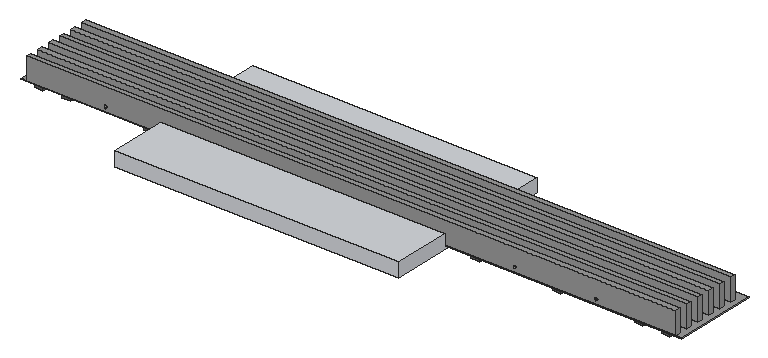
Revit family "1414-6, Veneer", category Generic Models, host Face, Revit 2020
Family settings
  Host = Face
  Can host rebar = No
  Round Connector Dimension = Use Diameter
  Part Type = Normal
  Cut with Voids When Loaded = No
  Shared = No
  Room Calculation Point = No
Parameters
  min_value [instance] = 2' - 4"  # constant formula
  max_value [instance] = 9' - 11 1/4"  # constant formula
  actual_value [instance] = if(NET LENGTH < min_value, min_value, if(NET LENGTH > max_value, max_value, NET LENGTH))  # 7' - 11 1/4"
  SCRIM MATERIAL [instance] = SCRIM
  SCRIM APPEARANCE [instance] = yes
  NET LENGTH [instance] = 7' - 11 1/4"
  IMPORTANT NOTE!!!                                                                             *Backer & dowel layout is for visualization purposes only, final layout to be determined by 9Wood. [instance] = ""
  Default Elevation = 4' - 0"
  DOWEL RADIUS [instance] = 0' - 0 1/4"  # constant formula
  BACKER & DOWEL MATERIAL [instance] = BLACK-BACKERS
  .. MEMBER WIDTH [instance] = 0' - 0 3/4"  # constant formula
  .. MEMBER MATERIAL [instance] = Veneer Cherry
  .. MEMBER DEPTH [instance] = 0' - 3 1/4"  # constant formula
  .. MEMBER COUNT [instance] = 6  # constant formula
Reference planes (in)
  plane 1 "Center (Front/Back)": y = 0
  plane 2: z = 0
  plane 3 "Center (Left/Right)": x = 0
Forms (in)
  Extrusion 1, solid
    sketch origin (0, 0, 0) x (1, 0, 0) y (0, 1, 0)
      loop
        line (-24.24823, 14.63962) -> (-24.24823, -10.69266) -> (17.36192, -10.69266) -> (17.36192, 14.63962) -> (-24.24823, 14.63962)
    from 0 to 2.0625
Dimensions and locks (in)
  aligned and locked: plane 2 to Extrusion 1
Nested families (in)
  nested 1: "1400 series" at (-44.01308, -2.1224, 0.00189), NET LENGTH <- "actual_value", .. MEMBER DEPTH <- ".. MEMBER DEPTH", .. MEMBER WIDTH <- ".. MEMBER WIDTH", DOWEL RADIUS <- "DOWEL RADIUS", BACKER & DOWEL MATERIAL <- "BACKER & DOWEL MATERIAL", .. MEMBER MATERIAL <- ".. MEMBER MATERIAL", SCRIM MATERIAL <- "SCRIM MATERIAL", MEMBER COUNT <- ".. MEMBER COUNT", SCRIM APPEARANCE <- "SCRIM APPEARANCE", type "1400 series"
    with X 7' - 8", SCRIM MATERIAL SCRIM, SCRIM LENGTH 8' - 1", SCRIM APPEARANCE yes, SCRIM 2 0' - 0 7/8", SCRIM 1 0' - 0 3/32", OC TYP 1' - 0", NET LENGTH 7' - 11 1/4", N 8, MEMBER COUNT 6, INSET 2 0' - 0 3/16", INSET 0' - 1", HALF MEMBER WIDTH 0' - 0 3/8", END BACKER yes, DOWEL RADIUS 0' - 0 1/4", DOWEL INDEX 0' - 11 5/8", DOWEL COUNT 7, BACKING M COUNT 8, BACKER WIDTH 0' - 1 1/4", BACKER INDEX 0' - 5 5/8", BACKER DEPTH 0' - 0 1/2", BACKER & DOWEL MATERIAL BLACK-BACKERS, BACKER &  DOWEL LENGTH 0' - 11 7/8", .. MEMBER WIDTH 0' - 0 3/4", .. MEMBER OC TYP 0' - 2", .. MEMBER MATERIAL Veneer Cherry, .. MEMBER DEPTH 0' - 3 1/4"
Definition of nested family "1400 series"
  Parameters (values of type "1400 series")
    X [instance] = NET LENGTH - 0' 3 1/4"  # 7' - 2"
    SCRIM MATERIAL [instance] = none
    SCRIM APPEARANCE [instance] = yes
    SCRIM 2 [instance] = 0' - 0 7/8"  # constant formula
    SCRIM 1 [instance] = 0' - 0 3/32"  # constant formula
    OC TYP [instance] = 1' - 0"  # constant formula
    N [instance] = if((X - (rounddown(X / 1' 0") * 1' 0")) > 1' 0", rounddown(X / 1' 0") + 2, rounddown(X / 1' 0") + 1)  # 8
    MEMBER COUNT [instance] = 2
    INSET 5 = 0' - 0 11/16"  # constant formula
    INSET 2 [instance] = 0' - 0 3/16"  # constant formula
    INSET [instance] = 0' - 1"  # constant formula
    END BACKER [instance] = BACKER INDEX > 0' 3 5/8"  # no
    HALF MEMBER WIDTH [instance] = .. MEMBER WIDTH / 2  # 0' - 1 1/8"
    Default Elevation = 0' - 0"
    DOWEL RADIUS [instance] = 0' - 0 1/4"
    DOWEL INDEX [instance] = BACKER INDEX + 0' 6"  # 0' - 8 5/8"
    DOWEL COUNT [instance] = N - 1  # 7
    BACKER WIDTH [instance] = 0' - 1 1/4"  # constant formula
    BACKER INDEX [instance] = (NET LENGTH - ((N - 1) * 1' 0")) / 2  # 0' - 2 5/8"
    BACKER DEPTH [instance] = 0' - 0 1/2"  # constant formula
    BACKING M COUNT [instance] = N  # 8
    BACKER & DOWEL MATERIAL [instance] = none
    BACKER &  DOWEL LENGTH [instance] = 0' - 11 7/8"  # constant formula
    SCRIM LENGTH [instance] = NET LENGTH + (SCRIM 2 * 2)  # 7' - 7"
    .. MEMBER WIDTH [instance] = 0' - 2 1/4"
    .. MEMBER OC TYP [instance] = 1' 0" / MEMBER COUNT  # 0' - 6"
    .. MEMBER MATERIAL [instance] = none
    NET LENGTH [instance] = 7' - 5 1/4"
    .. MEMBER DEPTH [instance] = 0' - 4"
  Reference planes (in)
    plane 1 "Center (Front/Back)": y = 0
    plane 2: z = 0
    plane 3 "Center (Left/Right)": x = 0
    plane 4: x = 89.25
    plane 5: x = 1
    plane 6: x = 88.25
    plane 7: x = 2.625
    plane 8: x = 8.625
    plane 9: x = 14.625
    plane 10: x = 20.625
    plane 11: y = 0.1875
    plane 12: y = 1.125
    plane 13: y = 7.125
    plane 14: y = 12.0625
    plane 15: x = 90.125
    plane 16: x = -0.875
    plane 17: y = 12.15625
    plane 18: y = -0.09375
    plane 19: z = 2.7097
    plane 20: z = 0.49811
    plane 21: z = 0.56061
    plane 22: z = 1.24811
  Lines and regions (in)
    model lines, not visible
      curve 1: line (8.625, 0, 0.99811) -> (8.625, 0, 1.49811)
      curve 2: line (8.625, 0, 1.49811) -> (8.375, 0, 1.24811)
      curve 3: line (8.375, 0, 1.24811) -> (8.875, 0, 1.24811)
      curve 4: line (20.625, 0, 0.99811) -> (20.625, 0, 1.49811)
      curve 5: line (20.625, 0, 1.49811) -> (20.375, 0, 1.24811)
      curve 6: line (20.375, 0, 1.24811) -> (20.875, 0, 1.24811)
      curve 7: line (32.625, 0, 0.99811) -> (32.625, 0, 1.49811)
      curve 8: line (32.625, 0, 1.49811) -> (32.375, 0, 1.24811)
      curve 9: line (32.375, 0, 1.24811) -> (32.875, 0, 1.24811)
      curve 10: line (44.625, 0, 0.99811) -> (44.625, 0, 1.49811)
      curve 11: line (44.625, 0, 1.49811) -> (44.375, 0, 1.24811)
      curve 12: line (44.375, 0, 1.24811) -> (44.875, 0, 1.24811)
      curve 13: line (56.625, 0, 0.99811) -> (56.625, 0, 1.49811)
      curve 14: line (56.625, 0, 1.49811) -> (56.375, 0, 1.24811)
      curve 15: line (56.375, 0, 1.24811) -> (56.875, 0, 1.24811)
      curve 16: line (68.625, 0, 0.99811) -> (68.625, 0, 1.49811)
      curve 17: line (68.625, 0, 1.49811) -> (68.375, 0, 1.24811)
      curve 18: line (68.375, 0, 1.24811) -> (68.875, 0, 1.24811)
      curve 19: line (80.625, 0, 0.99811) -> (80.625, 0, 1.49811)
      curve 20: line (80.625, 0, 1.49811) -> (80.375, 0, 1.24811)
      curve 21: line (80.375, 0, 1.24811) -> (80.875, 0, 1.24811)
  Dimensions and locks (in)
    "INSET": plane 3 "Center (Left/Right)" to plane 5
    "NET LENGTH": plane 3 "Center (Left/Right)" to plane 4
    "INSET": plane 6 to plane 4
    "BACKER INDEX": plane 3 "Center (Left/Right)" to plane 7
    "DOWEL INDEX": plane 3 "Center (Left/Right)" to plane 8
    "OC TYP": plane 7 to plane 9
    "OC TYP": plane 8 to plane 10
    "INSET 2": plane 1 "Center (Front/Back)" to plane 11
    equal spacing: group 1, group 2, group 5, group 6, group 7, group 13, group 14, group 16  (x3)
    equal spacing: group 3, group 4, group 8, group 9, group 10, group 15, group 17  (x3)
    group 11 to group 12 = 0' - 0"  (x2)
    group 11 to group 12 = 0' - 6"
    ".. MEMBER OC TYP": plane 13 to plane 12
    "HALF MEMBER WIDTH": plane 1 "Center (Front/Back)" to plane 12
    "SCRIM 2": plane 16 to plane 3 "Center (Left/Right)"
    "SCRIM 2": plane 4 to plane 15
    "SCRIM 1": plane 18 to plane 1 "Center (Front/Back)"
    "SCRIM 1": plane 17 to plane 14
    "INSET 5": plane 22 to plane 21
    aligned and locked: level to plane 2
    aligned and locked: plane 7 to nested 2
    aligned and locked: plane 5 to nested 1
    aligned and locked: plane 9 to nested 3
    aligned and locked: nested 1 to plane 5
    aligned and locked: nested 2 to plane 11
    aligned and locked: nested 1 to plane 11
    aligned and locked: nested 3 to plane 11
    aligned and locked: nested 4 to plane 11  (x2)
    aligned and locked: plane 10 to nested 5
    aligned and locked: plane 6 to nested 12
    aligned and locked: nested 5 to plane 11
    aligned and locked: plane 11 to nested 12
    aligned and locked: plane 12 to nested 13
    aligned and locked: nested 14 to plane 13
    aligned and locked: plane 14 to nested 8
    aligned and locked: plane 16 to nested 15
    aligned and locked: nested 15 to plane 18
    aligned and locked: nested 15 to plane 17
    aligned and locked: nested 15 to plane 16  (x2)
    aligned and locked: nested 1 to level
    aligned and locked: level to nested 3
    aligned and locked: plane 20 to nested 2
    aligned and locked: plane 20 to nested 1
    aligned and locked: plane 20 to nested 3
    aligned and locked: nested 12 to plane 20
    aligned and locked: nested 15 to plane 20
    aligned and locked: plane 21 to nested 15
    aligned and locked: nested 13 to plane 21
    aligned and locked: plane 22 to nested 4
    aligned and locked: plane 22 to nested 5
    aligned and locked: nested 13 to plane 8
    aligned and locked: plane 10 to nested 13
    aligned and locked: curve 1 to nested 13
    aligned and locked: nested 13 to curve 4
  Automatic sketch dimensions
    curve 3 to curve 1 = 0' - 0 1/4"  (x2)
    curve 1 to curve 3 = 0' - 0 1/4"
    curve 1 to curve 2 = 0' - 0 1/4"
    curve 6 to curve 4 = 0' - 0 1/4"  (x2)
    curve 4 to curve 6 = 0' - 0 1/4"
    curve 4 to curve 5 = 0' - 0 1/4"
    curve 9 to curve 7 = 0' - 0 1/4"  (x2)
    curve 7 to curve 9 = 0' - 0 1/4"
    curve 7 to curve 8 = 0' - 0 1/4"
    curve 12 to curve 10 = 0' - 0 1/4"  (x2)
    curve 10 to curve 12 = 0' - 0 1/4"
    curve 10 to curve 11 = 0' - 0 1/4"
    curve 15 to curve 13 = 0' - 0 1/4"  (x2)
    curve 13 to curve 15 = 0' - 0 1/4"
    curve 13 to curve 14 = 0' - 0 1/4"
    curve 18 to curve 16 = 0' - 0 1/4"  (x2)
    curve 16 to curve 18 = 0' - 0 1/4"
    curve 16 to curve 17 = 0' - 0 1/4"
    curve 21 to curve 19 = 0' - 0 1/4"  (x2)
    curve 19 to curve 21 = 0' - 0 1/4"
    curve 19 to curve 20 = 0' - 0 1/4"
  Nested families (in)
    nested 1: "INSTANCE - 3RD -  EXTEND BOTH SIDES - Parametric Cube.0001" at (1, 0.1875, 0.49811), Length <- "BACKER &  DOWEL LENGTH", Width <- "BACKER WIDTH", Height <- "BACKER DEPTH", Material <- "BACKER & DOWEL MATERIAL", visible <- "END BACKER", type "INSTANCE - 3RD -  EXTEND BOTH SIDES - Parametric Cube.0001"
      with Width 0' - 1 1/4", Material none, Length 0' - 11 7/8", Height 0' - 0 1/2"
    nested 2: "INSTANCE - 2ND -  EXTEND SIDE H CENTER W - Parametric Cube.0001" at (2.625, 0.1875, 0.49811), Width <- "BACKER WIDTH", Length <- "BACKER &  DOWEL LENGTH", Height <- "BACKER DEPTH", Material <- "BACKER & DOWEL MATERIAL", type "INSTANCE - 2ND -  EXTEND SIDE H CENTER W - Parametric Cube.0001"
      with Width 0' - 1 1/4", Material none, Length 0' - 11 7/8", Height 0' - 0 1/2"
    nested 3: "INSTANCE - 2ND -  EXTEND SIDE H CENTER W - Parametric Cube.0001" at (14.625, 0.1875, 0.49811), Width <- "BACKER WIDTH", Length <- "BACKER &  DOWEL LENGTH", Height <- "BACKER DEPTH", Material <- "BACKER & DOWEL MATERIAL", type "INSTANCE - 2ND -  EXTEND SIDE H CENTER W - Parametric Cube.0001"
      with Width 0' - 1 1/4", Material none, Length 0' - 11 7/8", Height 0' - 0 1/2"
    nested 4: "DOWEL" at (-1.375, 0.1875, 1.24811), DOWEL LENGTH <- "BACKER &  DOWEL LENGTH", DOWEL RADII <- "DOWEL RADIUS", BACKING MEM MATERIAL <- "BACKER & DOWEL MATERIAL", type "DOWEL"
      with DOWEL RADII 0' - 0 1/4", DOWEL LENGTH 0' - 11 7/8", BACKING MEM MATERIAL none
    nested 5: "DOWEL" at (10.625, 0.1875, 1.24811), DOWEL LENGTH <- "BACKER &  DOWEL LENGTH", DOWEL RADII <- "DOWEL RADIUS", BACKING MEM MATERIAL <- "BACKER & DOWEL MATERIAL", type "DOWEL"
      with DOWEL RADII 0' - 0 1/4", DOWEL LENGTH 0' - 11 7/8", BACKING MEM MATERIAL none
    nested 6: "INSTANCE - 2ND -  EXTEND SIDE H CENTER W - Parametric Cube.0001" at (26.625, 0.1875, 0.49811), Width <- "BACKER WIDTH", Length <- "BACKER &  DOWEL LENGTH", Height <- "BACKER DEPTH", Material <- "BACKER & DOWEL MATERIAL", type "INSTANCE - 2ND -  EXTEND SIDE H CENTER W - Parametric Cube.0001"
      with Width 0' - 1 1/4", Material none, Length 0' - 11 7/8", Height 0' - 0 1/2"
    nested 7: "INSTANCE - 2ND -  EXTEND SIDE H CENTER W - Parametric Cube.0001" at (38.625, 0.1875, 0.49811), Width <- "BACKER WIDTH", Length <- "BACKER &  DOWEL LENGTH", Height <- "BACKER DEPTH", Material <- "BACKER & DOWEL MATERIAL", type "INSTANCE - 2ND -  EXTEND SIDE H CENTER W - Parametric Cube.0001"
      with Width 0' - 1 1/4", Material none, Length 0' - 11 7/8", Height 0' - 0 1/2"
    nested 8: "INSTANCE - 2ND -  EXTEND SIDE H CENTER W - Parametric Cube.0001" at (50.625, 0.1875, 0.49811), Width <- "BACKER WIDTH", Length <- "BACKER &  DOWEL LENGTH", Height <- "BACKER DEPTH", Material <- "BACKER & DOWEL MATERIAL", type "INSTANCE - 2ND -  EXTEND SIDE H CENTER W - Parametric Cube.0001"
      with Width 0' - 1 1/4", Material none, Length 0' - 11 7/8", Height 0' - 0 1/2"
    nested 9: "DOWEL" at (22.625, 0.1875, 1.24811), DOWEL LENGTH <- "BACKER &  DOWEL LENGTH", DOWEL RADII <- "DOWEL RADIUS", BACKING MEM MATERIAL <- "BACKER & DOWEL MATERIAL", type "DOWEL"
      with DOWEL RADII 0' - 0 1/4", DOWEL LENGTH 0' - 11 7/8", BACKING MEM MATERIAL none
    nested 10: "DOWEL" at (34.625, 0.1875, 1.24811), DOWEL LENGTH <- "BACKER &  DOWEL LENGTH", DOWEL RADII <- "DOWEL RADIUS", BACKING MEM MATERIAL <- "BACKER & DOWEL MATERIAL", type "DOWEL"
      with DOWEL RADII 0' - 0 1/4", DOWEL LENGTH 0' - 11 7/8", BACKING MEM MATERIAL none
    nested 11: "DOWEL" at (46.625, 0.1875, 1.24811), DOWEL LENGTH <- "BACKER &  DOWEL LENGTH", DOWEL RADII <- "DOWEL RADIUS", BACKING MEM MATERIAL <- "BACKER & DOWEL MATERIAL", type "DOWEL"
      with DOWEL RADII 0' - 0 1/4", DOWEL LENGTH 0' - 11 7/8", BACKING MEM MATERIAL none
    nested 12: "INSTANCE - 3RD -  EXTEND BOTH SIDES - Parametric Cube.0001" at (88.25, 0.1875, 0.49811) x (-1, 0, 0) z (0, 0, 1), Width <- "BACKER WIDTH", Length <- "BACKER &  DOWEL LENGTH", Height <- "BACKER DEPTH", Material <- "BACKER & DOWEL MATERIAL", visible <- "END BACKER", type "INSTANCE - 3RD -  EXTEND BOTH SIDES - Parametric Cube.0001"
      with Width 0' - 1 1/4", Material none, Length 0' - 11 7/8", Height 0' - 0 1/2"
    nested 13: "HOLED MEMBER" at (0, -9.75, 8.12965), DOWEL INDEX <- "DOWEL INDEX", .. MEMBER LENGTH <- "NET LENGTH", .. MEMBER WIDTH <- ".. MEMBER WIDTH", DOWEL OC DIST <- "OC TYP", DOWEL RADII <- "DOWEL RADIUS", Material <- ".. MEMBER MATERIAL", DEPTH <- ".. MEMBER DEPTH", DOWEL COUNT <- "DOWEL COUNT", Space <- "INSET 5", type "HOLED MEMBER"
      with Space 0' - 0 11/16", Material none, Height 0' - 10.43096", HALF MEMBER WIDTH 0' - 1 1/8", DOWEL RADII 0' - 0 1/4", DOWEL OC DIST 1' - 0", DOWEL INDEX 0' - 8 5/8", DOWEL COUNT 7, DEPTH 0' - 4", .. MEMBER WIDTH 0' - 2 1/4", .. MEMBER LENGTH 7' - 5 1/4"
    nested 14: "HOLED MEMBER" at (0, -3.75, 8.12965), DOWEL INDEX <- "DOWEL INDEX", .. MEMBER LENGTH <- "NET LENGTH", .. MEMBER WIDTH <- ".. MEMBER WIDTH", DOWEL OC DIST <- "OC TYP", DOWEL RADII <- "DOWEL RADIUS", Material <- ".. MEMBER MATERIAL", DEPTH <- ".. MEMBER DEPTH", DOWEL COUNT <- "DOWEL COUNT", Space <- "INSET 5", type "HOLED MEMBER"
      with Space 0' - 0 11/16", Material none, Height 0' - 10.43096", HALF MEMBER WIDTH 0' - 1 1/8", DOWEL RADII 0' - 0 1/4", DOWEL OC DIST 1' - 0", DOWEL INDEX 0' - 8 5/8", DOWEL COUNT 7, DEPTH 0' - 4", .. MEMBER WIDTH 0' - 2 1/4", .. MEMBER LENGTH 7' - 5 1/4"
    nested 15: "INSTANCE - 3RD -  EXTEND BOTH SIDES - Parametric Cube.0001" at (-0.875, -0.09375, 0.56061), Width <- "SCRIM LENGTH", Material <- "SCRIM MATERIAL", visible <- "SCRIM APPEARANCE", type "INSTANCE - 3RD -  EXTEND BOTH SIDES - Parametric Cube.0001"
      with Width 7' - 7", Material none, Length 1' - 0 1/4", Height 0' - 0 1/16"
    nested 16: "INSTANCE - 2ND -  EXTEND SIDE H CENTER W - Parametric Cube.0001" at (62.625, 0.1875, 0.49811), Width <- "BACKER WIDTH", Length <- "BACKER &  DOWEL LENGTH", Height <- "BACKER DEPTH", Material <- "BACKER & DOWEL MATERIAL", type "INSTANCE - 2ND -  EXTEND SIDE H CENTER W - Parametric Cube.0001"
      with Width 0' - 1 1/4", Material none, Length 0' - 11 7/8", Height 0' - 0 1/2"
    nested 17: "INSTANCE - 2ND -  EXTEND SIDE H CENTER W - Parametric Cube.0001" at (74.625, 0.1875, 0.49811), Width <- "BACKER WIDTH", Length <- "BACKER &  DOWEL LENGTH", Height <- "BACKER DEPTH", Material <- "BACKER & DOWEL MATERIAL", type "INSTANCE - 2ND -  EXTEND SIDE H CENTER W - Parametric Cube.0001"
      with Width 0' - 1 1/4", Material none, Length 0' - 11 7/8", Height 0' - 0 1/2"
    nested 18: "DOWEL" at (58.625, 0.1875, 1.24811), DOWEL LENGTH <- "BACKER &  DOWEL LENGTH", DOWEL RADII <- "DOWEL RADIUS", BACKING MEM MATERIAL <- "BACKER & DOWEL MATERIAL", type "DOWEL"
      with DOWEL RADII 0' - 0 1/4", DOWEL LENGTH 0' - 11 7/8", BACKING MEM MATERIAL none
    nested 19: "INSTANCE - 2ND -  EXTEND SIDE H CENTER W - Parametric Cube.0001" at (86.625, 0.1875, 0.49811), Width <- "BACKER WIDTH", Length <- "BACKER &  DOWEL LENGTH", Height <- "BACKER DEPTH", Material <- "BACKER & DOWEL MATERIAL", type "INSTANCE - 2ND -  EXTEND SIDE H CENTER W - Parametric Cube.0001"
      with Width 0' - 1 1/4", Material none, Length 0' - 11 7/8", Height 0' - 0 1/2"
    nested 20: "DOWEL" at (70.625, 0.1875, 1.24811), DOWEL LENGTH <- "BACKER &  DOWEL LENGTH", DOWEL RADII <- "DOWEL RADIUS", BACKING MEM MATERIAL <- "BACKER & DOWEL MATERIAL", type "DOWEL"
      with DOWEL RADII 0' - 0 1/4", DOWEL LENGTH 0' - 11 7/8", BACKING MEM MATERIAL none
  Definition of nested family "INSTANCE - 3RD -  EXTEND BOTH SIDES - Parametric Cube.0001"
    Parameters (values of type "INSTANCE - 3RD -  EXTEND BOTH SIDES - Parametric Cube.0001")
      Width [instance] = 0' - 6"
      Material [instance] = none
      Length [instance] = 1' - 0"
      Height [instance] = 1' - 6"
      Default Elevation = 0' - 0"
    Reference planes (in)
      plane 1 "Center (Front/Back)": y = 0
      plane 2: z = 0
      plane 3 "Center (Left/Right)": x = 0
      plane 4: x = 6
      plane 5: y = 12
      plane 6: z = -18
    Forms (in)
      Extrusion 1, solid, material <- "Material"
        sketch origin (0, 6, 0) x (1, 0, 0) y (0, 1, 0)
          loop
            line (0, 6) -> (0, -6) -> (6, -6) -> (6, 6) -> (0, 6)
        from -18 to 0
    Dimensions and locks (in)
      "Height": plane 6 to level
      "Length": plane 1 "Center (Front/Back)" to plane 5
      "Width": plane 3 "Center (Left/Right)" to plane 4
      aligned and locked: plane 2 to level
      aligned and locked: Extrusion 1 sketch curve to plane 4
      aligned and locked: Extrusion 1 to plane 6
      aligned and locked: plane 5 to Extrusion 1
      aligned and locked: Extrusion 1 to plane 3 "Center (Left/Right)"
    Automatic sketch dimensions
      plane 1 "Center (Front/Back)" to Extrusion 1 sketch curve = 0' - 0"
      plane 5 to Extrusion 1 sketch curve = 0' - 0"
      Extrusion 1 sketch curve to plane 3 "Center (Left/Right)" = 0' - 0"
  Definition of nested family "INSTANCE - 2ND -  EXTEND SIDE H CENTER W - Parametric Cube.0001"
    Parameters (values of type "INSTANCE - 2ND -  EXTEND SIDE H CENTER W - Parametric Cube.0001")
      Width [instance] = 0' - 6"
      Material [instance] = none
      Length [instance] = 1' - 0"
      Height [instance] = 1' - 6"
      Default Elevation = 0' - 0"
    Reference planes (in)
      plane 1 "Center (Front/Back)": y = 0
      plane 2: z = 0
      plane 3 "Center (Left/Right)": x = 0
      plane 4: x = -3
      plane 5: x = 3
      plane 6: y = 12
      plane 7: z = -18
    Forms (in)
      Extrusion 1, solid, material <- "Material"
        sketch origin (0, 6, 0) x (1, 0, 0) y (0, 1, 0)
          loop
            line (-3, 6) -> (-3, -6) -> (3, -6) -> (3, 6) -> (-3, 6)
        from -18 to 0
    Dimensions and locks (in)
      equal spacing: plane 4, plane 3 "Center (Left/Right)", plane 5
      "Width": plane 4 to plane 5
      "Height": plane 7 to level
      "Length": plane 1 "Center (Front/Back)" to plane 6
      aligned and locked: plane 2 to level
      aligned and locked: plane 4 to Extrusion 1 sketch curve
      aligned and locked: Extrusion 1 sketch curve to plane 5
      aligned and locked: Extrusion 1 to plane 7
      aligned and locked: plane 6 to Extrusion 1
    Automatic sketch dimensions
      plane 1 "Center (Front/Back)" to Extrusion 1 sketch curve = 0' - 0"
      plane 6 to Extrusion 1 sketch curve = 0' - 0"
  Definition of nested family "DOWEL"
    Parameters (values of type "DOWEL")
      Default Elevation = 0' - 0"
      DOWEL RADII [instance] = 0' - 0 5/8"
      DOWEL LENGTH [instance] = 1' - 0"
      BACKING MEM MATERIAL [instance] = none
    Reference planes (in)
      plane 1 "Center (Front/Back)": y = 0
      plane 2: z = 0
      plane 3 "Center (Left/Right)": x = 0
      plane 4: y = 12
    Forms (in)
      Extrusion 1, solid, material <- "BACKING MEM MATERIAL"
        sketch origin (10, 0, 0) x (1, 0, 0) y (0, 0, 1)
          loop
            circle (0, 0) r 0.625
        from 0 to -12
      Extrusion 2, solid, not visible
        sketch origin (0, 0, 0) x (1, 0, 0) y (0, 0, 1)
          loop
            circle (0, 0) r 0.625
        from 0 to 12
      Extrusion 3, solid, not visible
        sketch origin (10, 0, 0) x (1, 0, 0) y (0, 0, 1)
          loop
            circle (0, 0) r 0.625
        from 0 to 2.5
      Extrusion 4, solid, not visible
        sketch origin (10, 0, 0) x (1, 0, 0) y (0, 0, 1)
          loop
            circle (0, 0) r 0.625
        from 0 to -12
    Lines and regions (in)
      model lines, not visible
        curve 1: line (-13, 0, 0) -> (-13, -12, 0)
        curve 2: line (13, 0, 0) -> (13, -12, 0)
        curve 3: line (9.89453, 0, 0) -> (10.08794, 0, 0)
        curve 4: line (9.89453, -2.5, 0) -> (10.08794, -2.5, 0)
        curve 6: line (10, 0, 0) -> (10, 2, 0)
      model lines
        curve 5: line (10, 0, 0) -> (10, 2, 0)
    Dimensions and locks (in)
      "DOWEL LENGTH": plane 1 "Center (Front/Back)" to plane 4
      "DOWEL RADII": radius of Extrusion 1 sketch curve
      "DOWEL RADII": radius of Extrusion 2 sketch curve
      "DOWEL RADII": radius of Extrusion 3 sketch curve
      "DOWEL RADII": radius of Extrusion 4 sketch curve
      "DOWEL RADII": radius of Extrusion 1
      aligned and locked: plane 2 to level
      aligned and locked: Extrusion 1 to plane 1 "Center (Front/Back)"  (x3)
      aligned and locked: plane 1 "Center (Front/Back)" to Extrusion 1
      aligned and locked: plane 4 to Extrusion 1
    Automatic sketch dimensions
      plane 1 "Center (Front/Back)" to curve 5 = 0' - 0"
      curve 5 to plane 1 "Center (Front/Back)" = 0' - 2"
      plane 3 "Center (Left/Right)" to curve 5 = 0' - 10"
      Extrusion 1 sketch curve to level = 0' - 0"
      plane 3 "Center (Left/Right)" to Extrusion 1 sketch curve = 0' - 10"
  Definition of nested family "HOLED MEMBER"
    Parameters (values of type "HOLED MEMBER")
      Space [instance] = 0' - 0 5/8"
      Material [instance] = none
      Height [instance] = 0' - 10.43096"
      HALF MEMBER WIDTH [instance] = .. MEMBER WIDTH / 2  # 0' - 0 5/16"
      Default Elevation = 0' - 0"
      DOWEL RADII [instance] = 0' - 0.34537"
      DOWEL OC DIST [instance] = 1' - 0"
      DOWEL INSET = 0' - 0 5/8"
      DOWEL INDEX [instance] = 0' - 5 5/8"
      DOWEL COUNT [instance] = 6
      DEPTH [instance] = 0' - 2"
      .. MEMBER WIDTH [instance] = 0' - 0 5/8"
      .. MEMBER LENGTH [instance] = 5' - 11 3/4"
    Reference planes (in)
      plane 1 "Center (Front/Back)": y = 12
      plane 2: z = -7.56904
      plane 3 "Center (Left/Right)": x = 0
      plane 4: x = 5.625
      plane 5: x = 17.625
      plane 6: y = 11.375
      plane 7: x = 71.75
      plane 8: y = 11.6875
      plane 9: z = -6.94404
      plane 10: z = -5.56904
    Forms (in)
      Extrusion 1, solid, material <- "Material"
        sketch origin (0, 12, -13.56904) x (1, 0, 0) y (0, 0, 1)
          loop
            line (0, 6) -> (71.75, 6) -> (71.75, 8) -> (0, 8) -> (0, 6)
        from 0.625 to 0
      Extrusion 2, void
        sketch origin (0, 12, -18.31904) x (1, 0, 0) y (0, 0, 1)
          loop
            circle (5.625, 11.375) r 0.34537
        from 0 to 12
      Extrusion 3, void, not visible
        sketch origin (0, 0, 0) x (1, 0, 0) y (0, 1, 0)
          loop
            circle (5.625, 11.375) r 0.34537
        from 0 to 12
      Extrusion 4, void, not visible
        sketch origin (0, 0, 0) x (1, 0, 0) y (0, 1, 0)
          loop
            circle (5.625, 11.375) r 0.34537
        from 0 to 12
      Extrusion 5, void, not visible
        sketch origin (12, 0, 0) x (1, 0, 0) y (0, 1, 0)
          loop
            circle (5.625, 11.375) r 0.34537
        from 0 to 12
      Extrusion 6, void, not visible
        sketch origin (0, 12, -17.56904) x (1, 0, 0) y (0, 0, 1)
          loop
            circle (5.625, 11.375) r 0.34537
        from 0 to 12
      Extrusion 7, void, not visible
        sketch origin (12, 12, -17.56904) x (1, 0, 0) y (0, 0, 1)
          loop
            circle (5.625, 11.375) r 0.34537
        from 0 to 12
      Extrusion 8, void, not visible
        sketch origin (0, 12, -19.56904) x (1, 0, 0) y (0, 0, 1)
          loop
            circle (5.625, 11.375) r 0.34537
        from 0 to 12
      Extrusion 9, void
        sketch origin (12, 12, -18.31904) x (1, 0, 0) y (0, 0, 1)
          loop
            circle (5.625, 11.375) r 0.34537
        from 0 to 12
      Extrusion 10, void
        sketch origin (24, 12, -18.31904) x (1, 0, 0) y (0, 0, 1)
          loop
            circle (5.625, 11.375) r 0.34537
        from 0 to 12
      Extrusion 11, void
        sketch origin (36, 12, -18.31904) x (1, 0, 0) y (0, 0, 1)
          loop
            circle (5.625, 11.375) r 0.34537
        from 0 to 12
      Extrusion 12, void
        sketch origin (48, 12, -18.31904) x (1, 0, 0) y (0, 0, 1)
          loop
            circle (5.625, 11.375) r 0.34537
        from 0 to 12
      Extrusion 13, void
        sketch origin (60, 12, -18.31904) x (1, 0, 0) y (0, 0, 1)
          loop
            circle (5.625, 11.375) r 0.34537
        from 0 to 12
      Extrusion 14, void, not visible
        sketch origin (24, 12, -17.56904) x (1, 0, 0) y (0, 0, 1)
          loop
            circle (5.625, 11.375) r 0.34537
        from 0 to 12
      Extrusion 15, void, not visible
        sketch origin (36, 12, -17.56904) x (1, 0, 0) y (0, 0, 1)
          loop
            circle (5.625, 11.375) r 0.34537
        from 0 to 12
      Extrusion 16, void, not visible
        sketch origin (48, 12, -17.56904) x (1, 0, 0) y (0, 0, 1)
          loop
            circle (5.625, 11.375) r 0.34537
        from 0 to 12
      Extrusion 17, void, not visible
        sketch origin (60, 12, -17.56904) x (1, 0, 0) y (0, 0, 1)
          loop
            circle (5.625, 11.375) r 0.34537
        from 0 to 12
      Extrusion 18, void, not visible
        sketch origin (24, 0, 0) x (1, 0, 0) y (0, 1, 0)
          loop
            circle (5.625, 11.375) r 0.34537
        from 0 to 12
      Extrusion 19, void, not visible
        sketch origin (36, 0, 0) x (1, 0, 0) y (0, 1, 0)
          loop
            circle (5.625, 11.375) r 0.34537
        from 0 to 12
      Extrusion 20, void, not visible
        sketch origin (48, 0, 0) x (1, 0, 0) y (0, 1, 0)
          loop
            circle (5.625, 11.375) r 0.34537
        from 0 to 12
      Extrusion 21, void, not visible
        sketch origin (60, 0, 0) x (1, 0, 0) y (0, 1, 0)
          loop
            circle (5.625, 11.375) r 0.34537
        from 0 to 12
    Cuts and joins
      Extrusion 2, Extrusion 9, Extrusion 10, Extrusion 11, Extrusion 12, Extrusion 13 cuts Extrusion 1
    Lines and regions (in)
      model lines, not visible
        curve 1: line (5.625, 11.72037, 0) -> (5.625, 11.02963, 0)
        curve 2: line (5.625, 11.72037, 0) -> (5.625, 11.02963, 0)
        curve 3: line (17.625, 11.72037, 0) -> (17.625, 11.02963, 0)
        curve 4: line (5.625, 12, -7.56904) -> (5.625, 11.87317, -7.56904)
        curve 5: line (5.625, 11.87317, -7.56904) -> (5.06195, 11.87317, -7.56904)
        curve 6: line (5.06195, 11.87317, -7.56904) -> (5.27963, 11.375, -7.56904)
        curve 7: line (0, 12, -6.19404) -> (0, 11.61951, -6.19404)
        curve 9: line (0, 11.375, -8.19404) -> (0, 11.6747, -8.19404)
        curve 10: line (5.625, 12, -7.56904) -> (5.625, 11.69863, -7.56904)
        curve 11: line (5.625, 12, -7.56904) -> (5.625, 11.69863, -7.56904)
        curve 12: line (5.625, 10.75, 0) -> (5.625, 10.75, 0.30137)
        curve 13: line (5.625, 10.75, 0) -> (5.625, 10.75, 0.30137)
        curve 14: line (17.625, 10.75, 0) -> (17.625, 10.75, 0.30137)
        curve 15: line (5.625, 12, -6.81904) -> (5.625, 11.69863, -6.81904)
        curve 16: line (17.625, 12, -6.81904) -> (17.625, 11.69863, -6.81904)
        curve 17: line (5.625, 12, -8.81904) -> (5.625, 11.69863, -8.81904)
        curve 18: line (17.625, 12, -7.56904) -> (17.625, 11.69863, -7.56904)
        curve 19: line (29.625, 12, -7.56904) -> (29.625, 11.69863, -7.56904)
        curve 20: line (41.625, 12, -7.56904) -> (41.625, 11.69863, -7.56904)
        curve 21: line (53.625, 12, -7.56904) -> (53.625, 11.69863, -7.56904)
        curve 22: line (65.625, 12, -7.56904) -> (65.625, 11.69863, -7.56904)
        curve 23: line (29.625, 12, -6.81904) -> (29.625, 11.69863, -6.81904)
        curve 24: line (41.625, 12, -6.81904) -> (41.625, 11.69863, -6.81904)
        curve 25: line (53.625, 12, -6.81904) -> (53.625, 11.69863, -6.81904)
        curve 26: line (65.625, 12, -6.81904) -> (65.625, 11.69863, -6.81904)
        curve 27: line (29.625, 11.72037, 0) -> (29.625, 11.02963, 0)
        curve 28: line (29.625, 10.75, 0) -> (29.625, 10.75, 0.30137)
        curve 29: line (41.625, 11.72037, 0) -> (41.625, 11.02963, 0)
        curve 30: line (41.625, 10.75, 0) -> (41.625, 10.75, 0.30137)
        curve 31: line (53.625, 11.72037, 0) -> (53.625, 11.02963, 0)
        curve 32: line (53.625, 10.75, 0) -> (53.625, 10.75, 0.30137)
        curve 33: line (65.625, 11.72037, 0) -> (65.625, 11.02963, 0)
        curve 34: line (65.625, 10.75, 0) -> (65.625, 10.75, 0.30137)
        curve 35: line (5.27963, 12, -6.94404) -> (5.97037, 12, -6.94404)
        curve 36: line (5.97037, 12, -6.94404) -> (5.625, 12, -6.59867)
        curve 37: line (5.625, 12, -6.59867) -> (5.625, 12, -7.28941)
        curve 38: line (5.27963, 11.375, 0) -> (5.97037, 11.375, 0)
        curve 39: line (5.97037, 11.375, 0) -> (5.625, 11.72037, 0)
        curve 40: line (5.625, 11.72037, 0) -> (5.625, 11.02963, 0)
        curve 41: line (5.27963, 11.375, 0) -> (5.97037, 11.375, 0)
        curve 42: line (5.97037, 11.375, 0) -> (5.625, 11.72037, 0)
        curve 43: line (5.625, 11.72037, 0) -> (5.625, 11.02963, 0)
        curve 44: line (17.27963, 11.375, 0) -> (17.97037, 11.375, 0)
        curve 45: line (17.97037, 11.375, 0) -> (17.625, 11.72037, 0)
        curve 46: line (17.625, 11.72037, 0) -> (17.625, 11.02963, 0)
        curve 47: line (5.27963, 12, -6.19404) -> (5.97037, 12, -6.19404)
        curve 48: line (5.97037, 12, -6.19404) -> (5.625, 12, -5.84867)
        curve 49: line (5.625, 12, -5.84867) -> (5.625, 12, -6.53941)
        curve 50: line (17.27963, 12, -6.19404) -> (17.97037, 12, -6.19404)
        curve 51: line (17.97037, 12, -6.19404) -> (17.625, 12, -5.84867)
        curve 52: line (17.625, 12, -5.84867) -> (17.625, 12, -6.53941)
        curve 53: line (5.27963, 12, -8.19404) -> (5.97037, 12, -8.19404)
        curve 54: line (5.97037, 12, -8.19404) -> (5.625, 12, -7.84867)
        curve 55: line (5.625, 12, -7.84867) -> (5.625, 12, -8.53941)
        curve 56: line (17.27963, 12, -6.94404) -> (17.97037, 12, -6.94404)
        curve 57: line (17.97037, 12, -6.94404) -> (17.625, 12, -6.59867)
        curve 58: line (17.625, 12, -6.59867) -> (17.625, 12, -7.28941)
        curve 59: line (29.27963, 12, -6.94404) -> (29.97037, 12, -6.94404)
        curve 60: line (29.97037, 12, -6.94404) -> (29.625, 12, -6.59867)
        curve 61: line (29.625, 12, -6.59867) -> (29.625, 12, -7.28941)
        curve 62: line (41.27963, 12, -6.94404) -> (41.97037, 12, -6.94404)
        curve 63: line (41.97037, 12, -6.94404) -> (41.625, 12, -6.59867)
        curve 64: line (41.625, 12, -6.59867) -> (41.625, 12, -7.28941)
        curve 65: line (53.27963, 12, -6.94404) -> (53.97037, 12, -6.94404)
        curve 66: line (53.97037, 12, -6.94404) -> (53.625, 12, -6.59867)
        curve 67: line (53.625, 12, -6.59867) -> (53.625, 12, -7.28941)
        curve 68: line (65.27963, 12, -6.94404) -> (65.97037, 12, -6.94404)
        curve 69: line (65.97037, 12, -6.94404) -> (65.625, 12, -6.59867)
        curve 70: line (65.625, 12, -6.59867) -> (65.625, 12, -7.28941)
        curve 71: line (29.27963, 12, -6.19404) -> (29.97037, 12, -6.19404)
        curve 72: line (29.97037, 12, -6.19404) -> (29.625, 12, -5.84867)
        curve 73: line (29.625, 12, -5.84867) -> (29.625, 12, -6.53941)
        curve 74: line (41.27963, 12, -6.19404) -> (41.97037, 12, -6.19404)
        curve 75: line (41.97037, 12, -6.19404) -> (41.625, 12, -5.84867)
        curve 76: line (41.625, 12, -5.84867) -> (41.625, 12, -6.53941)
        curve 77: line (53.27963, 12, -6.19404) -> (53.97037, 12, -6.19404)
        curve 78: line (53.97037, 12, -6.19404) -> (53.625, 12, -5.84867)
        curve 79: line (53.625, 12, -5.84867) -> (53.625, 12, -6.53941)
        curve 80: line (65.27963, 12, -6.19404) -> (65.97037, 12, -6.19404)
        curve 81: line (65.97037, 12, -6.19404) -> (65.625, 12, -5.84867)
        curve 82: line (65.625, 12, -5.84867) -> (65.625, 12, -6.53941)
        curve 83: line (29.27963, 11.375, 0) -> (29.97037, 11.375, 0)
        curve 84: line (29.97037, 11.375, 0) -> (29.625, 11.72037, 0)
        curve 85: line (29.625, 11.72037, 0) -> (29.625, 11.02963, 0)
        curve 86: line (41.27963, 11.375, 0) -> (41.97037, 11.375, 0)
        curve 87: line (41.97037, 11.375, 0) -> (41.625, 11.72037, 0)
        curve 88: line (41.625, 11.72037, 0) -> (41.625, 11.02963, 0)
        curve 89: line (53.27963, 11.375, 0) -> (53.97037, 11.375, 0)
        curve 90: line (53.97037, 11.375, 0) -> (53.625, 11.72037, 0)
        curve 91: line (53.625, 11.72037, 0) -> (53.625, 11.02963, 0)
        curve 92: line (65.27963, 11.375, 0) -> (65.97037, 11.375, 0)
        curve 93: line (65.97037, 11.375, 0) -> (65.625, 11.72037, 0)
        curve 94: line (65.625, 11.72037, 0) -> (65.625, 11.02963, 0)
      model lines
        curve 8: line (5.625, 12, -7.56904) -> (5.625, 11.69863, -7.56904)
    Dimensions and locks (in)
      "DOWEL INDEX": plane 3 "Center (Left/Right)" to plane 4
      "DOWEL OC DIST": plane 4 to plane 5
      ".. MEMBER LENGTH": plane 3 "Center (Left/Right)" to plane 7
      equal spacing: group 3, group 4, group 21, group 22, group 23, group 24  (x3)
      equal spacing: group 7, group 8, group 17, group 18, group 19, group 20  (x3)
      ".. MEMBER WIDTH": plane 6 to plane 1 "Center (Front/Back)"
      "HALF MEMBER WIDTH": plane 8 to plane 1 "Center (Front/Back)"
      equal spacing: group 1, group 12, group 13, group 14, group 15, group 16  (x2)
      equal spacing: group 16, group 15, group 14, group 13, group 12, group 1
      "DEPTH": plane 10 to level
      "Space": plane 9 to level
      "DOWEL RADII": radius of Extrusion 2 sketch curve
      "DOWEL RADII": radius of Extrusion 3 sketch curve
      "DOWEL RADII": radius of Extrusion 4 sketch curve
      "DOWEL RADII": radius of Extrusion 5 sketch curve
      "DOWEL RADII": radius of Extrusion 6 sketch curve
      "DOWEL RADII": radius of Extrusion 7 sketch curve
      "DOWEL RADII": radius of Extrusion 8 sketch curve
      "DOWEL RADII": radius of Extrusion 9 sketch curve
      "DOWEL RADII": radius of Extrusion 10 sketch curve
      "DOWEL RADII": radius of Extrusion 11 sketch curve
      "DOWEL RADII": radius of Extrusion 12 sketch curve
      "DOWEL RADII": radius of Extrusion 13 sketch curve
      "DOWEL RADII": radius of Extrusion 14 sketch curve
      "DOWEL RADII": radius of Extrusion 15 sketch curve
      "DOWEL RADII": radius of Extrusion 16 sketch curve
      "DOWEL RADII": radius of Extrusion 17 sketch curve
      "DOWEL RADII": radius of Extrusion 18 sketch curve
      "DOWEL RADII": radius of Extrusion 19 sketch curve
      "DOWEL RADII": radius of Extrusion 20 sketch curve
      "DOWEL RADII": radius of Extrusion 21 sketch curve
      aligned and locked: level to plane 2
      aligned and locked: Extrusion 1 to plane 3 "Center (Left/Right)"  (x2)
      aligned and locked: plane 7 to cut or joined group of Extrusion 1, Extrusion 2, Extrusion 9, Extrusion 10, Extrusion 11, Extrusion 12, Extrusion 13  (x2)
      aligned and locked: cut or joined group of Extrusion 1, Extrusion 2, Extrusion 9, Extrusion 10, Extrusion 11, Extrusion 12, Extrusion 13 to plane 1 "Center (Front/Back)"  (x2)
      aligned and locked: cut or joined group of Extrusion 1, Extrusion 2, Extrusion 9, Extrusion 10, Extrusion 11, Extrusion 12, Extrusion 13 to plane 6  (x2)
      aligned and locked: plane 4 to curve 11
      aligned and locked: curve 18 to plane 5
      aligned and locked: plane 4 to group 1
      aligned and locked: group 12 to plane 5
      aligned and locked: curve 35 to plane 9
      aligned and locked: plane 4 to curve 37
      aligned and locked: curve 56 to plane 9
      aligned and locked: curve 58 to plane 5
      aligned and locked: plane 10 to cut or joined group of Extrusion 1, Extrusion 2, Extrusion 9, Extrusion 10, Extrusion 11, Extrusion 12, Extrusion 13  (x2)
      aligned and locked: cut or joined group of Extrusion 1, Extrusion 2, Extrusion 9, Extrusion 10, Extrusion 11, Extrusion 12, Extrusion 13 to level
      aligned and locked: level to cut or joined group of Extrusion 1, Extrusion 2, Extrusion 9, Extrusion 10, Extrusion 11, Extrusion 12, Extrusion 13
    Automatic sketch dimensions
      curve 1 to curve 1 = 0' - 0.69074"
      curve 2 to curve 2 = 0' - 0.69074"
      curve 3 to curve 3 = 0' - 0.69074"
      Extrusion 1 sketch curve to plane 3 "Center (Left/Right)" = 0' - 0"
      Extrusion 1 sketch curve to plane 7 = 0' - 0"
      Extrusion 1 sketch curve to Extrusion 1 sketch curve = 0' - 2"
      Extrusion 1 sketch curve to level = 0' - 0"
      curve 8 to curve 8 = 0' - 0.30137"
      curve 10 to curve 10 = 0' - 0.30137"
      curve 8 to plane 4 = 0' - 0"
      plane 1 "Center (Front/Back)" to curve 8 = 0' - 0"
      plane 1 "Center (Front/Back)" to curve 8 = 0' - 0.30137"
      curve 11 to curve 11 = 0' - 0.30137"
      curve 12 to curve 12 = 0' - 0.30137"
      curve 13 to curve 13 = 0' - 0.30137"
      curve 14 to curve 14 = 0' - 0.30137"
      curve 15 to curve 15 = 0' - 0.30137"
      curve 16 to curve 16 = 0' - 0.30137"
      curve 17 to curve 17 = 0' - 0.30137"
      curve 18 to curve 18 = 0' - 0.30137"
      curve 19 to curve 19 = 0' - 0.30137"
      curve 20 to curve 20 = 0' - 0.30137"
      curve 21 to curve 21 = 0' - 0.30137"
      curve 22 to curve 22 = 0' - 0.30137"
      curve 23 to curve 23 = 0' - 0.30137"
      curve 24 to curve 24 = 0' - 0.30137"
      curve 25 to curve 25 = 0' - 0.30137"
      curve 26 to curve 26 = 0' - 0.30137"
      curve 27 to curve 27 = 0' - 0.69074"
      curve 28 to curve 28 = 0' - 0.30137"
      curve 29 to curve 29 = 0' - 0.69074"
      curve 30 to curve 30 = 0' - 0.30137"
      curve 31 to curve 31 = 0' - 0.69074"
      curve 32 to curve 32 = 0' - 0.30137"
      curve 33 to curve 33 = 0' - 0.69074"
      curve 34 to curve 34 = 0' - 0.30137"
      curve 37 to curve 35 = 0' - 0.34537"  (x2)
      curve 35 to curve 36 = 0' - 0.34537"
      curve 35 to curve 37 = 0' - 0.34537"
      curve 40 to curve 38 = 0' - 0.34537"  (x2)
      curve 38 to curve 39 = 0' - 0.34537"
      curve 38 to curve 40 = 0' - 0.34537"
      curve 43 to curve 41 = 0' - 0.34537"  (x2)
      curve 41 to curve 42 = 0' - 0.34537"
      curve 41 to curve 43 = 0' - 0.34537"
      curve 46 to curve 44 = 0' - 0.34537"  (x2)
      curve 44 to curve 45 = 0' - 0.34537"
      curve 44 to curve 46 = 0' - 0.34537"
      curve 49 to curve 47 = 0' - 0.34537"  (x2)
      curve 47 to curve 48 = 0' - 0.34537"
      curve 47 to curve 49 = 0' - 0.34537"
      curve 52 to curve 50 = 0' - 0.34537"  (x2)
      curve 50 to curve 51 = 0' - 0.34537"
      curve 50 to curve 52 = 0' - 0.34537"
      curve 55 to curve 53 = 0' - 0.34537"  (x2)
      curve 53 to curve 54 = 0' - 0.34537"
      curve 53 to curve 55 = 0' - 0.34537"
      curve 58 to curve 56 = 0' - 0.34537"  (x2)
      curve 56 to curve 57 = 0' - 0.34537"
      curve 56 to curve 58 = 0' - 0.34537"
      curve 61 to curve 59 = 0' - 0.34537"  (x2)
      curve 59 to curve 60 = 0' - 0.34537"
      curve 59 to curve 61 = 0' - 0.34537"
      curve 64 to curve 62 = 0' - 0.34537"  (x2)
      curve 62 to curve 63 = 0' - 0.34537"
      curve 62 to curve 64 = 0' - 0.34537"
      curve 67 to curve 65 = 0' - 0.34537"  (x2)
      curve 65 to curve 66 = 0' - 0.34537"
      curve 65 to curve 67 = 0' - 0.34537"
      curve 70 to curve 68 = 0' - 0.34537"  (x2)
      curve 68 to curve 69 = 0' - 0.34537"
      curve 68 to curve 70 = 0' - 0.34537"
      curve 73 to curve 71 = 0' - 0.34537"  (x2)
      curve 71 to curve 72 = 0' - 0.34537"
      curve 71 to curve 73 = 0' - 0.34537"
      curve 76 to curve 74 = 0' - 0.34537"  (x2)
      curve 74 to curve 75 = 0' - 0.34537"
      curve 74 to curve 76 = 0' - 0.34537"
      curve 79 to curve 77 = 0' - 0.34537"  (x2)
      curve 77 to curve 78 = 0' - 0.34537"
      curve 77 to curve 79 = 0' - 0.34537"
      curve 82 to curve 80 = 0' - 0.34537"  (x2)
      curve 80 to curve 81 = 0' - 0.34537"
      curve 80 to curve 82 = 0' - 0.34537"
      curve 85 to curve 83 = 0' - 0.34537"  (x2)
      curve 83 to curve 84 = 0' - 0.34537"
      curve 83 to curve 85 = 0' - 0.34537"
      curve 88 to curve 86 = 0' - 0.34537"  (x2)
      curve 86 to curve 87 = 0' - 0.34537"
      curve 86 to curve 88 = 0' - 0.34537"
      curve 91 to curve 89 = 0' - 0.34537"  (x2)
      curve 89 to curve 90 = 0' - 0.34537"
      curve 89 to curve 91 = 0' - 0.34537"
      curve 94 to curve 92 = 0' - 0.34537"  (x2)
      curve 92 to curve 93 = 0' - 0.34537"
      curve 92 to curve 94 = 0' - 0.34537"
